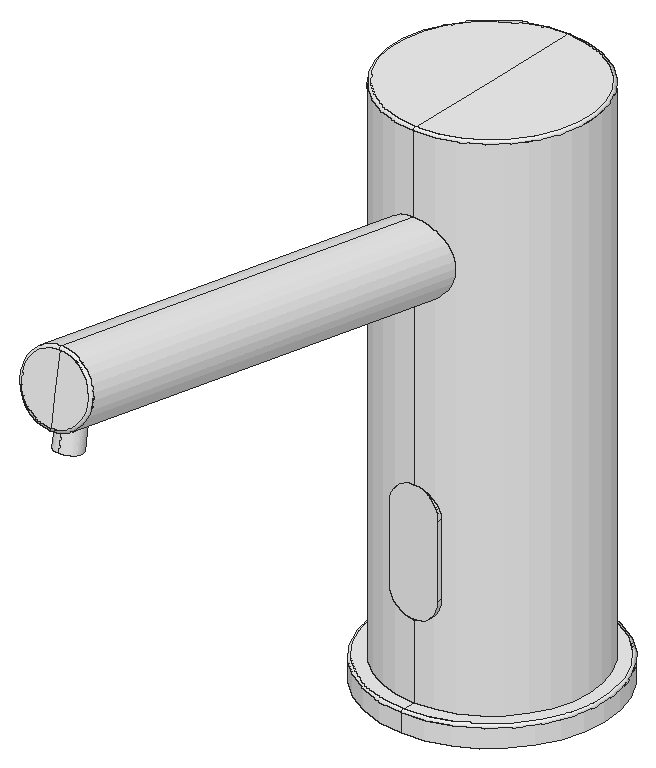
Revit family "Soap Dispenser-Caroma G Series E Hands Free", category Specialty Equipment, host Face, Revit 2013
Parameters (values of type "Mains Power")
  Wattage_ANZRS = 0 VA
  Voltage_ANZRS = 240 V  # constant formula
  URL = "http://www.caroma.com.au/"
  Type Comments = "Caroma G Series E Hands Free Soap Dispenser"  # constant formula
  PowerFactor_ANZRS = 1
  ModifiedIssue_ANZRS = 2013.1  # constant formula
  Model = "G16010E6A"  # constant formula
  Material_ANZRS = Metal-Chrome-Caroma
  Manufacturer = "GWA Bathrooms & Kitchens"  # constant formula
  Description = ""
  Default Elevation = 0 mm
  CreatedBy_ANZRS = "Design Content"  # constant formula
  CreatedByURL_ANZRS = "www.designcontent.com.au"
  Cost = 0
  Assembly Code = "E1090900"
  ApparentCurrent_ANZRS = 10 A  # constant formula
Reference planes
  plane 1 "Center (Front/Back)": y = 0
  plane 2: z = 0
  plane 3 "Center (Left/Right)": x = 0
Forms (mm)
  Revolve 1, solid, material "Metal-Chrome-Caroma" <- "Material_ANZRS"
    sketch origin (0, 0, 0) x (0, 1, 0) y (0, 0, 1)
      loop
        line (0, 0) -> (22, 0) -> (22, 3.5)
        arc (22, 3.5) -> (21.854, 3.854) -> (21.5, 4) r 0.5
        line (21.5, 4) -> (19, 4) -> (19, 103.603)
        arc (19, 103.603) -> (18.854, 103.956) -> (18.5, 104.103) r 0.5
        line (18.5, 104.103) -> (0, 104.103) -> (0, 0)
      axis (0, 0) -> (0, 104.103)
    angle from 0 to 360
  Revolve 2, solid, material "Metal-Chrome-Caroma" <- "Material_ANZRS"
    sketch origin (0, 0, 0) x (0, 1, 0) y (0, 0, 1)
      loop
        line (0.023, 85.332) -> (-104.547, 103.77)
        arc (-104.547, 103.77) -> (-104.92, 103.687) -> (-105.126, 103.365) r 0.5
        line (-105.126, 103.365) -> (-106.255, 96.963) -> (-1.192, 78.438) -> (0.023, 85.332)
      axis (-1.192, 78.438) -> (-106.255, 96.963)
    angle from 0 to 360
  Revolve 3, solid, material "Metal-Chrome-Caroma" <- "Material_ANZRS"
    sketch origin (0, -17.705, -18.226) x (0, 1, 0) y (0, 0, 1)
      loop
        line (-86.167, 103.38) -> (-85.645, 106.337) -> (-84.771, 106.183) -> (-84.01, 110.496) -> (-86.459, 110.928) -> (-87.741, 103.657) -> (-86.167, 103.38)
      axis (-85.292, 103.226) -> (-84.01, 110.496)
    angle from 0 to 360
  Extrusion 4, solid, material "Metal-Chrome-Caroma", detail levels fine
    sketch origin (0, 0, 6.5) x (1, 0, 0) y (0, 0, 1)
      loop
        arc (-4.75, 16.75) -> (0, 12) -> (4.75, 16.75) r 4.75
        line (4.75, 16.75) -> (4.75, 30.75)
        arc (4.75, 30.75) -> (0, 35.5) -> (-4.75, 30.75) r 4.75
        line (-4.75, 30.75) -> (-4.75, 16.75)
    from 0 to 19
  Extrusion 5, void
    sketch origin (0, 0, 6.5) x (1, 0, 0) y (0, 0, 1)
      loop
        arc (-4.75, 16.75) -> (0, 12) -> (4.75, 16.75) r 4.75
        line (4.75, 16.75) -> (4.75, 30.75)
        arc (4.75, 30.75) -> (0, 35.5) -> (-4.75, 30.75) r 4.75
        line (-4.75, 30.75) -> (-4.75, 16.75)
    from 0 to 22
  Revolve 6, void
    sketch origin (0, -8.913, -21.082) x (0, 1, 0) y (0, 0, 1)
      loop
        line (-86.155, 106.679) -> (-84.678, 106.419) -> (-83.918, 110.732) -> (-85.395, 110.992) -> (-86.155, 106.679)
      axis (-86.155, 106.679) -> (-85.395, 110.992)
    angle from 0 to 360
Cuts and joins
  Extrusion 5 cuts Revolve 1
  Revolve 6 cuts Revolve 2
  joined: Revolve 1, Revolve 2, Revolve 3
Lines and regions (mm)
  Masking region 1
    outline origin (0, 0, 0) x (1, 0, 0) y (0, 0, 1)
      loop
        line (0, 0) -> (22, 0) -> (22, 3.5)
        arc (22, 3.5) -> (21.854, 3.854) -> (21.5, 4) r 0.5
        line (21.5, 4) -> (19, 4) -> (19, 74.004) -> (19, 103.602)
        arc (19, 103.602) -> (18.854, 103.956) -> (18.5, 104.102) r 0.5
        line (18.5, 104.102) -> (0, 104.102) -> (-18.5, 104.102)
        arc (-18.5, 104.102) -> (-18.854, 103.956) -> (-19, 103.602) r 0.5
        line (-19, 103.602) -> (-19, 4) -> (-21.5, 4)
        arc (-21.5, 4) -> (-21.854, 3.854) -> (-22, 3.5) r 0.5
        line (-22, 3.5) -> (-22, 0) -> (0, 0)
  Masking region 2
    outline origin (0, 0, 0) x (1, 0, 0) y (0, 1, 0)
      loop
        arc (21.357, -5.28) -> (-10.592, 19.282) -> (-7, -20.857) r 22
        line (-7, -20.857) -> (-7, -105.972)
        spline (-7, -105.972) -> (-6.761, -106.36) -> (-6.062, -106.722) -> (-4.95, -107.033) -> (-3.5, -107.271) -> (-1.812, -107.421) -> (0, -107.472) -> (1.812, -107.421) -> (3.5, -107.271) -> (4.95, -107.033) -> (6.062, -106.722) -> (6.761, -106.36) -> (7, -105.972)
        line (7, -105.972) -> (7, -20.857)
        arc (7, -20.857) -> (16.177, -14.91) -> (21.357, -5.28) r 22
  symbolic lines
    curve 1: line (-22, 0, 4) -> (22, 0, 4)
    curve 2: circle (0, 0, 0) r 19 normal (0, 0, 1)
    curve 3: line (-7, -103.502, 0) -> (-7, -17.664, 0)
    curve 4: line (7, -103.502, 0) -> (7, -17.664, 0)
    curve 5: arc (4.75, 0, 37.25) -> (0, 0, 42) -> (-4.75, 0, 37.25) r 4.75
    curve 6: line (-4.75, 0, 37.25) -> (-4.75, 0, 23.25)
    curve 7: line (4.75, 0, 23.25) -> (4.75, 0, 37.25)
    curve 8: arc (-4.75, 0, 23.25) -> (0, 0, 18.5) -> (4.75, 0, 23.25) r 4.75
  symbolic lines, style "PlumbingFixtures"
    curve 9: spline (0, 0, 90.08) -> (1.814, 0, 90.313) -> (3.504, 0, 90.996) -> (4.955, 0, 92.083) -> (6.069, 0, 93.5) -> (6.769, 0, 95.15) -> (7.008, 0, 96.92) -> (6.769, 0, 98.69) -> (6.069, 0, 100.34) -> (4.955, 0, 101.757) -> (3.504, 0, 102.844) -> (1.814, 0, 103.527) -> (0, 0, 103.76) -> (-1.814, 0, 103.527) -> (-3.504, 0, 102.844) -> (-4.955, 0, 101.757) -> (-6.069, 0, 100.34) -> (-6.769, 0, 98.69) -> (-7.008, 0, 96.92) -> (-6.769, 0, 95.15) -> (-6.069, 0, 93.5) -> (-4.955, 0, 92.083) -> (-3.504, 0, 90.996) -> (-1.814, 0, 90.313) -> (0, 0, 90.08)
    curve 10: line (-7.008, 0, 96.92) -> (-7.008, 0, 81.92)
    curve 11: arc (-4.107, 0, 75.743) -> (-2.15, 0, 74.796) -> (0, 0, 74.47) r 7.262
    curve 12: arc (-6.745, 0, 79.561) -> (-5.778, 0, 77.409) -> (-4.107, 0, 75.743) r 6.498
    curve 13: arc (-7.008, 0, 81.92) -> (-6.952, 0, 80.732) -> (-6.745, 0, 79.561) r 9.277
    curve 14: spline (0, 0, 85.432) -> (-0.644, 0, 85.417) -> (-1.243, 0, 85.374) -> (-1.758, 0, 85.305) -> (-2.153, 0, 85.216) -> (-2.402, 0, 85.112) -> (-2.486, 0, 85) -> (-2.402, 0, 84.888) -> (-2.153, 0, 84.784) -> (-1.758, 0, 84.695) -> (-1.243, 0, 84.626) -> (-0.644, 0, 84.583) -> (0, 0, 84.568)
    curve 15: spline (0, 0, 84.568) -> (0.644, 0, 84.583) -> (1.243, 0, 84.626) -> (1.758, 0, 84.695) -> (2.153, 0, 84.784) -> (2.402, 0, 84.888) -> (2.486, 0, 85) -> (2.402, 0, 85.112) -> (2.153, 0, 85.216) -> (1.758, 0, 85.305) -> (1.243, 0, 85.374) -> (0.644, 0, 85.417) -> (0, 0, 85.432)
    curve 16: spline (0, 0, 85.154) -> (0.23, 0, 85.149) -> (0.444, 0, 85.134) -> (0.628, 0, 85.109) -> (0.769, 0, 85.077) -> (0.858, 0, 85.04) -> (0.888, 0, 85) -> (0.858, 0, 84.96) -> (0.769, 0, 84.923) -> (0.628, 0, 84.891) -> (0.444, 0, 84.866) -> (0.23, 0, 84.851) -> (0, 0, 84.846)
    curve 17: spline (0, 0, 84.846) -> (-0.23, 0, 84.851) -> (-0.444, 0, 84.866) -> (-0.628, 0, 84.891) -> (-0.769, 0, 84.923) -> (-0.858, 0, 84.96) -> (-0.888, 0, 85) -> (-0.858, 0, 85.04) -> (-0.769, 0, 85.077) -> (-0.628, 0, 85.109) -> (-0.444, 0, 85.134) -> (-0.23, 0, 85.149) -> (0, 0, 85.154)
    curve 18: line (-2.486, 0, 85) -> (-2.486, 0, 89.745)
    curve 19: arc (-2.486, 0, 89.745) -> (-1.246, 0, 89.624) -> (0, 0, 89.584) r 19.269
    curve 20: line (2.486, 0, 85) -> (2.486, 0, 89.745)
    curve 21: arc (2.486, 0, 89.745) -> (1.246, 0, 89.624) -> (0, 0, 89.584) r 19.269
    curve 22: line (7.008, 0, 96.92) -> (7.008, 0, 81.92)
    curve 23: arc (4.107, 0, 75.743) -> (2.15, 0, 74.796) -> (0, 0, 74.47) r 7.262
    curve 24: arc (6.745, 0, 79.561) -> (5.778, 0, 77.409) -> (4.107, 0, 75.743) r 6.498
    curve 25: arc (7.008, 0, 81.92) -> (6.952, 0, 80.732) -> (6.745, 0, 79.561) r 9.277
Dimensions and locks
  aligned and locked: plane 2 to host face
  aligned and locked: level to host face
Connectors
  electrical at (0, 0, 0), driven by "Voltage_ANZRS", driven by "Wattage_ANZRS", driven by "PowerFactor_ANZRS"
    settings: on cut or joined group of Revolve 1, Revolve 2, Revolve 3, Extrusion 5, Revolve 6, index 7, voltage 240 V, apparent load 0 VA, apparent load phase1 0 VA, apparent load phase2 0 VA, apparent load phase3 0 VA, power factor 1, load classification "Power", number of poles 1, system type 31, power factor state 1, is connector primary yes, connector utility no, sub classification motor no, connector description "Power Supply"
